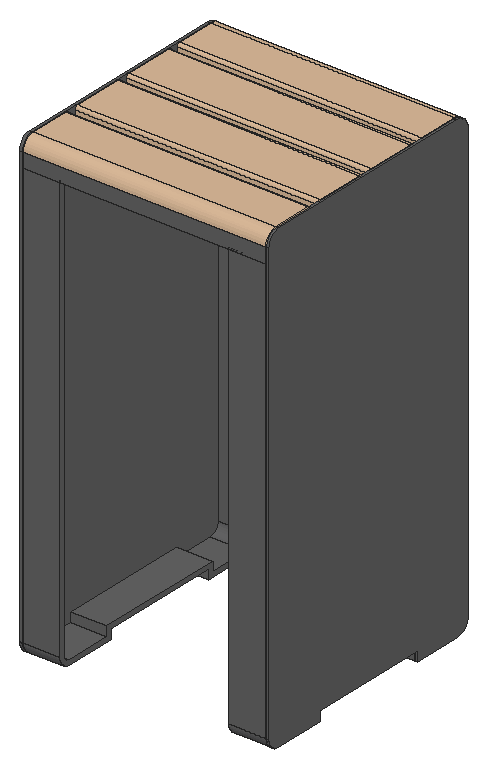
Revit family "1110-S-L", category Meble, Revit 2021
Family settings
  Numer OmniClass = 23.40.20.00
  Tytuł OmniClass = General Furniture and Specialties
  Oparty na płaszczyźnie roboczej = Nie
  Zawsze pionowo = Tak
  Tnij formami wycięć po wczytaniu = Nie
  Współdzielony = Nie
  Punkt obliczania pomieszczeń = Nie
Parameters (values of type "1110-S-L")
  wood = Mobilis Design Wood - Larch
  metal = Mobilis Design RAL 9004
  Width = "40 cm"
  Weight = "30 kg"
  URL = ""
  Product line = "Centaurus"
  Product Groups = ""
  Manufacturer = ""
  Keynote = ""
  Description = ""
  Model = "1110-S-L"
  Material = ""
  Maintenance = ""
  Lenght = "40 cm"
  Type Comments = ""
  Mobilis Design Materials = ""
  Hosted on = ""
  Height = "75 cm"
  Domyślna rzędna = 0 mm
  Copyright = "All designs and drawings are the common intellectual property of Lars Laj A/S and Tress and are protected by Danish and international copyright laws."
Reference planes
  plane 1 "front": y = 0
  plane 2: z = 0
  plane 3 "Środek (Lewa/Prawa)": x = 0
  plane 4 "left": x = -196.25
  plane 5 "right": x = 195.938
  plane 6: x = -136.25
  plane 7: x = 135.937
Forms (mm)
  Extrusion 1, solid, material "Mobilis Design Wood - Larch" <- "wood"
    sketch origin (0, -252.573, 318.96) x (0, 1, 0) y (0, 0, 1)
      loop
        arc (263.304, 429.703) -> (259.768, 428.239) -> (258.304, 424.703) r 5
        line (258.304, 424.703) -> (258.304, 390)
        arc (258.304, 390) -> (258.878, 388.615) -> (260.264, 388.04) r 1.96
        line (260.264, 388.04) -> (346.304, 388.04)
        arc (346.304, 388.04) -> (347.718, 388.626) -> (348.304, 390.04) r 2
        line (348.304, 390.04) -> (348.304, 424.703)
        arc (348.304, 424.703) -> (346.839, 428.239) -> (343.304, 429.703) r 5
        line (343.304, 429.703) -> (263.304, 429.703)
    from -196.25 to 195.937
  Extrusion 2, solid, material "Mobilis Design Wood - Larch" <- "wood"
    sketch origin (0, -355.022, 318.96) x (0, 1, 0) y (0, 0, 1)
      loop
        arc (263.253, 429.703) -> (259.718, 428.239) -> (258.253, 424.703) r 5
        line (258.253, 424.703) -> (258.253, 390)
        arc (258.253, 390) -> (258.827, 388.615) -> (260.213, 388.04) r 1.96
        line (260.213, 388.04) -> (346.253, 388.04)
        arc (346.253, 388.04) -> (347.668, 388.626) -> (348.253, 390.04) r 2
        line (348.253, 390.04) -> (348.253, 424.703)
        arc (348.253, 424.703) -> (346.789, 428.239) -> (343.253, 429.703) r 5
        line (343.253, 429.703) -> (263.253, 429.703)
    from -196.25 to 195.937
  Extrusion 3, solid, material "Mobilis Design Wood - Larch" <- "wood"
    sketch origin (0, -457.21, 318.96) x (0, 1, 0) y (0, 0, 1)
      loop
        arc (275.801, 429.704) -> (261.616, 423.828) -> (255.74, 409.642) r 20.061
        line (255.74, 409.642) -> (258.916, 409.642) -> (258.916, 388.04) -> (343.754, 388.04)
        arc (343.754, 388.04) -> (345.168, 388.626) -> (345.753, 390.04) r 1.999
        line (345.753, 390.04) -> (345.753, 424.706)
        arc (345.753, 424.706) -> (344.29, 428.24) -> (340.756, 429.704) r 4.998
        line (340.756, 429.704) -> (275.801, 429.704)
    from -196.25 to 195.937
  Extrusion 4, solid, material "Mobilis Design RAL 9004" <- "metal", not visible
    sketch origin (0, 0, 0) x (0, 1, 0) y (0, 0, 1)
      loop
        arc (71.187, 451.5) -> (57.045, 445.642) -> (51.187, 431.5) r 20
        line (51.187, 431.5) -> (51.187, 18.231)
        arc (51.187, 18.231) -> (56.527, 5.34) -> (69.418, 0) r 18.231
        line (69.418, 0) -> (153.638, 0) -> (153.638, 15) -> (448.638, 15) -> (448.638, 0) -> (527.023, 0)
        arc (527.023, 0) -> (542.307, 6.331) -> (548.638, 21.615) r 21.615
        line (548.638, 21.615) -> (548.638, 429.407)
        arc (548.638, 429.407) -> (542.168, 445.029) -> (526.545, 451.5) r 22.093
        line (526.545, 451.5) -> (71.187, 451.5)
    from 750.378 to 745
  Extrusion 5, solid, material "Mobilis Design RAL 9004" <- "metal", not visible
    sketch origin (0, 0, 0) x (0, 1, 0) y (0, 0, 1)
      loop
        line (548.638, 396.844) -> (629.375, 854.725) -> (601.836, 859.581)
        arc (601.836, 859.581) -> (585.224, 855.898) -> (576.082, 841.547) r 22.232
        line (576.082, 841.547) -> (507.306, 451.5) -> (526.545, 451.5)
        arc (526.545, 451.5) -> (542.168, 445.029) -> (548.638, 429.407) r 22.093
        line (548.638, 429.407) -> (548.638, 396.844)
    from 745 to 750.378
  Extrusion 6, solid, material "Mobilis Design RAL 9004" <- "metal"
    sketch origin (0, -252.542, 0) x (0, -1, 0) y (0, 0, 1)
      loop
        line (-71.187, 748.663) -> (-429.045, 748.663)
        arc (-429.045, 748.663) -> (-444.668, 742.192) -> (-451.138, 726.57) r 22.093
        line (-451.138, 726.57) -> (-451.138, 21.615)
        arc (-451.138, 21.615) -> (-444.807, 6.331) -> (-429.523, 0) r 21.615
        line (-429.523, 0) -> (-351.138, 0) -> (-351.138, 15) -> (-153.638, 15) -> (-153.638, 0) -> (-69.418, 0)
        arc (-69.418, 0) -> (-56.527, 5.34) -> (-51.187, 18.231) r 18.231
        line (-51.187, 18.231) -> (-51.187, 728.663)
        arc (-51.187, 728.663) -> (-57.045, 742.805) -> (-71.187, 748.663) r 20
    from 201.04 to 196.25
  Extrusion 7, solid, material "Mobilis Design RAL 9004" <- "metal"
    sketch origin (0, -252.542, 0) x (0, 1, 0) y (0, 0, 1)
      loop
        line (451.138, 23.296) -> (451.138, 707) -> (51.187, 707) -> (51.187, 18.763)
        arc (51.187, 18.763) -> (56.683, 5.495) -> (69.95, 0) r 18.763
        line (69.95, 0) -> (153.638, 0) -> (153.638, 15) -> (351.138, 15) -> (351.138, 0) -> (427.842, 0)
        arc (427.842, 0) -> (444.315, 6.823) -> (451.138, 23.296) r 23.296
      loop
        line (58.687, 701) -> (58.687, 18.763)
        arc (58.687, 18.763) -> (61.986, 10.799) -> (69.95, 7.5) r 11.263
        line (69.95, 7.5) -> (146.138, 7.5) -> (146.138, 22.5) -> (358.638, 22.5) -> (358.638, 7.5) -> (427.842, 7.5)
        arc (427.842, 7.5) -> (439.012, 12.127) -> (443.638, 23.296) r 15.796
        line (443.638, 23.296) -> (443.638, 701) -> (58.687, 701)
    from -196.25 to -136.25
  Extrusion 8, solid, material "Mobilis Design RAL 9004" <- "metal"
    sketch origin (0, -252.542, 298.895) x (0, 1, 0) y (0, 0, 1)
      loop
        line (53.936, 429.707) -> (51.187, 429.707) -> (51.187, 405.767) -> (73.779, 405.767) -> (73.779, 408.105) -> (53.936, 408.105) -> (53.936, 429.707)
    from -196.25 to 195.937
  Extrusion 9, solid, material "Mobilis Design Wood - Larch" <- "wood"
    sketch origin (0, 453.961, 318.96) x (0, -1, 0) y (0, 0, -1)
      loop
        line (275.801, -429.704) -> (340.733, -429.704)
        arc (340.733, -429.704) -> (344.267, -428.24) -> (345.731, -424.706) r 4.998
        line (345.731, -424.706) -> (345.731, -390.04)
        arc (345.731, -390.04) -> (345.145, -388.626) -> (343.731, -388.04) r 1.999
        line (343.731, -388.04) -> (258.705, -388.04) -> (258.705, -409.642) -> (255.74, -409.642)
        arc (255.74, -409.642) -> (261.616, -423.828) -> (275.801, -429.704) r 20.061
    from -196.25 to 195.938
  Extrusion 10, solid, material "Mobilis Design RAL 9004" <- "metal"
    sketch origin (0, -252.542, 0) x (0, -1, 0) y (0, 0, -1)
      loop
        arc (-71.187, -748.663) -> (-57.045, -742.805) -> (-51.187, -728.663) r 20
        line (-51.187, -728.663) -> (-51.187, -18.231)
        arc (-51.187, -18.231) -> (-56.527, -5.34) -> (-69.418, 0) r 18.231
        line (-69.418, 0) -> (-153.638, 0) -> (-153.638, -15) -> (-351.138, -15) -> (-351.138, 0) -> (-429.523, 0)
        arc (-429.523, 0) -> (-444.807, -6.331) -> (-451.138, -21.615) r 21.615
        line (-451.138, -21.615) -> (-451.138, -726.57)
        arc (-451.138, -726.57) -> (-444.668, -742.192) -> (-429.045, -748.663) r 22.093
        line (-429.045, -748.663) -> (-71.187, -748.663)
    from 201.04 to 196.25
  Extrusion 11, solid, material "Mobilis Design RAL 9004" <- "metal"
    sketch origin (0, -252.542, 0) x (0, 1, 0) y (0, 0, -1)
      loop
        arc (451.138, -23.296) -> (444.315, -6.823) -> (427.842, 0) r 23.296
        line (427.842, 0) -> (351.138, 0) -> (351.138, -15) -> (153.638, -15) -> (153.638, 0) -> (69.95, 0)
        arc (69.95, 0) -> (56.683, -5.495) -> (51.187, -18.763) r 18.763
        line (51.187, -18.763) -> (51.187, -707) -> (451.138, -707) -> (451.138, -23.296)
      loop
        line (58.687, -701) -> (443.638, -701) -> (443.638, -23.296)
        arc (443.638, -23.296) -> (439.012, -12.127) -> (427.842, -7.5) r 15.796
        line (427.842, -7.5) -> (358.638, -7.5) -> (358.638, -22.5) -> (146.138, -22.5) -> (146.138, -7.5) -> (69.95, -7.5)
        arc (69.95, -7.5) -> (61.986, -10.799) -> (58.687, -18.763) r 11.263
        line (58.687, -18.763) -> (58.687, -701)
    from -196.25 to -136.25
  Extrusion 12, solid, material "Mobilis Design RAL 9004" <- "metal"
    sketch origin (0, 191.208, 0) x (1, 0, 0) y (0, 1, 0)
      loop
        line (-136.25, 7.437) -> (-136.25, -0.063) -> (136.25, -0.063) -> (136.25, 7.437) -> (-136.25, 7.437)
    from 189.995 to 249.995
  Extrusion 13, solid, material "Mobilis Design RAL 9004" <- "metal"
    sketch origin (0, 249.629, 298.895) x (0, -1, 0) y (0, 0, -1)
      loop
        line (53.936, -429.707) -> (53.936, -408.105) -> (73.779, -408.105) -> (73.779, -405.767) -> (51.187, -405.767) -> (51.187, -429.707) -> (53.936, -429.707)
    from -196.25 to 195.937
Dimensions and locks
  Extrusion 1 sketch curve to Extrusion 1 sketch curve = 90 mm
  Extrusion 1 sketch curve to Extrusion 1 sketch curve = 41.663 mm
  Extrusion 2 sketch curve to Extrusion 2 sketch curve = 90 mm
  Extrusion 2 sketch curve to Extrusion 2 sketch curve = 41.663 mm
  Extrusion 3 sketch curve to Extrusion 3 sketch curve = 41.663 mm
  Extrusion 9 sketch curve to Extrusion 9 sketch curve = 41.663 mm
  aligned and locked: level to plane 2
  aligned and locked: plane 5 "right" to Extrusion 1
  aligned and locked: Extrusion 1 to plane 4 "left"
  aligned and locked: Extrusion 2 to plane 5 "right"
  aligned and locked: Extrusion 3 to plane 5 "right"
  aligned and locked: Extrusion 2 to plane 4 "left"
  aligned and locked: Extrusion 3 to plane 4 "left"
  aligned and locked: plane 4 "left" to Extrusion 6
  aligned and locked: Extrusion 7 to plane 4 "left"
  aligned and locked: plane 6 to Extrusion 7
  aligned and locked: Extrusion 8 to plane 4 "left"
  aligned and locked: Extrusion 8 to plane 5 "right"
  aligned and locked: Extrusion 10 to Extrusion 6
